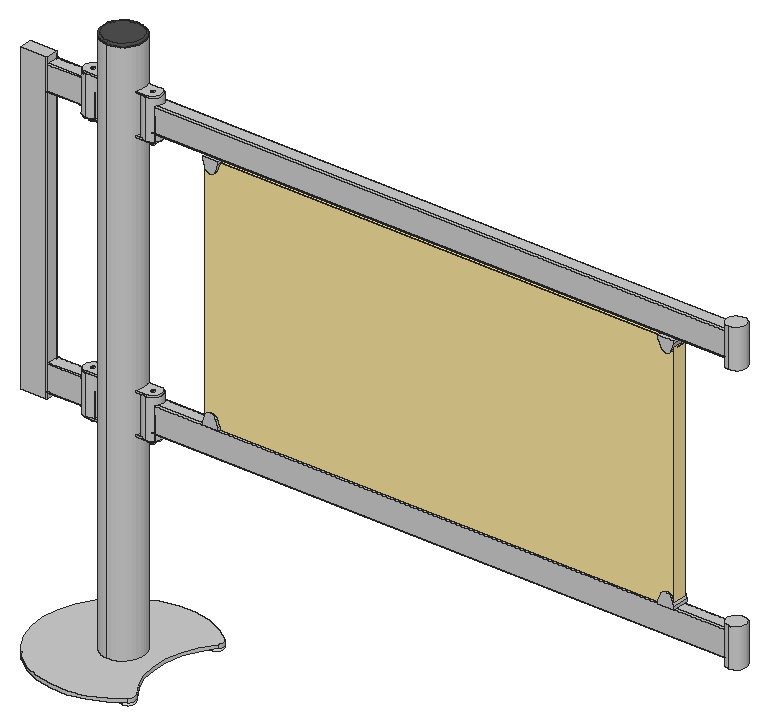
Revit family "PQR-441-PNLAD", category Furniture, Revit 2021
Family settings
  OmniClass Number = 23.40.20.00
  OmniClass Title = General Furniture and Specialties
  Work Plane-Based = No
  Always vertical = Yes
  Cut with Voids When Loaded = No
  Shared = No
  Room Calculation Point = No
Parameters
  W = 4' - 0"
  Frame [instance] = CEN_Frame_Metallic Silver Powdercoat (MS)
  Panel [instance] = Render Material 255-223-127
  Model = "PQR-441-PNLAD"
  End pieces on/off [instance] = yes
  Default Elevation = 0' - 0"
Reference planes (in)
  plane 1 "Center Front/Back": y = 0
  plane 2: z = 0
  plane 3 "Center Left/Right": x = 0
  plane 4: x = -24
  plane 5: x = 24
  plane 6: x = -17.5
  plane 7: x = 17.5
  plane 8: x = -21.5
  plane 9: x = 21.5
Forms (in)
  Extrusion 1, solid, material "CEN_Frame_Metallic Silver Powdercoat (MS)" <- "Frame"
    sketch origin (-23.29168, 0.50272, 36.0271) x (0, -1, 0) y (0, 0, 1)
      loop
        line (1, 0) -> (1, 1.78554)
        arc (1, 1.78554) -> (0.98091, 1.83163) -> (0.93482, 1.85072) r 0.06518
        line (0.93482, 1.85072) -> (0.06518, 1.85072)
        arc (0.06518, 1.85072) -> (0.01909, 1.83163) -> (0, 1.78554) r 0.06518
        line (0, 1.78554) -> (0, 0)
        arc (0, 0) -> (0.01909, -0.04609) -> (0.06518, -0.06518) r 0.06518
        line (0.06518, -0.06518) -> (0.93482, -0.06518)
        arc (0.93482, -0.06518) -> (0.98091, -0.04609) -> (1, 0) r 0.06518
      loop
        line (1, -20.08373) -> (1, -18.21446)
        arc (1, -18.21446) -> (0.98091, -18.16837) -> (0.93482, -18.14928) r 0.06518
        line (0.93482, -18.14928) -> (0.06518, -18.14928)
        arc (0.06518, -18.14928) -> (0.01909, -18.16837) -> (0, -18.21446) r 0.06518
        line (0, -18.21446) -> (0, -20.08373)
        arc (0, -20.08373) -> (0.01909, -20.12982) -> (0.06518, -20.14891) r 0.06518
        line (0.06518, -20.14891) -> (0.93482, -20.14891)
        arc (0.93482, -20.14891) -> (0.98091, -20.12982) -> (1, -20.08373) r 0.06518
    from -1.79168 to -44.79168
  Extrusion 2, solid, material "Render Material 255-223-127" <- "Panel"
    sketch origin (0, 0, 0) x (0, 1, 0) y (0, 0, 1)
      loop
        line (0.5, 17.96904) -> (0.5, 35.78154) -> (0.4375, 35.78154) -> (-0.4375, 35.78154) -> (-0.5, 35.78154) -> (-0.5, 17.96904) -> (-0.4375, 17.96904) -> (0.4375, 17.96904) -> (0.5, 17.96904)
    from -17.5 to 17.5
  Extrusion 3, solid, material "CEN_Frame_Metallic Silver Powdercoat (MS)" <- "Frame"
    sketch origin (0, 0, 0) x (1, 0, 0) y (0, 0, 1)
      loop
        line (-16.4145, 35.87529) -> (-17.5855, 35.87529) -> (-17.5855, 35.65654) -> (-17.41169, 35.17323)
        arc (-17.41169, 35.17323) -> (-17, 34.88379) -> (-16.58831, 35.17323) r 0.4375
        line (-16.58831, 35.17323) -> (-16.4145, 35.65654) -> (-16.4145, 35.87529)
    from -0.61497 to 0.61159
  Extrusion 4, solid, material "CEN_Frame_Metallic Silver Powdercoat (MS)" <- "Frame"
    sketch origin (0, 0, 0) x (-1, 0, 0) y (0, 0, -1)
      loop
        line (-16.4145, -35.87529) -> (-16.4145, -35.65654) -> (-16.58831, -35.17323)
        arc (-16.58831, -35.17323) -> (-17, -34.88379) -> (-17.41169, -35.17323) r 0.4375
        line (-17.41169, -35.17323) -> (-17.5855, -35.65654) -> (-17.5855, -35.87529) -> (-16.4145, -35.87529)
    from -0.61497 to 0.61159
  Extrusion 5, solid, material "CEN_Frame_Metallic Silver Powdercoat (MS)" <- "Frame"
    sketch origin (0, 0, 53.75058) x (1, 0, 0) y (0, 0, 1)
      loop
        line (-16.4145, -35.87529) -> (-16.4145, -35.65654) -> (-16.58831, -35.17323)
        arc (-16.58831, -35.17323) -> (-17, -34.88379) -> (-17.41169, -35.17323) r 0.4375
        line (-17.41169, -35.17323) -> (-17.5855, -35.65654) -> (-17.5855, -35.87529) -> (-16.4145, -35.87529)
    from -0.61497 to 0.61159
  Extrusion 6, solid, material "CEN_Frame_Metallic Silver Powdercoat (MS)" <- "Frame"
    sketch origin (0, 0, 53.75058) x (-1, 0, 0) y (0, 0, -1)
      loop
        line (-16.4145, 35.87529) -> (-17.5855, 35.87529) -> (-17.5855, 35.65654) -> (-17.41169, 35.17323)
        arc (-17.41169, 35.17323) -> (-17, 34.88379) -> (-16.58831, 35.17323) r 0.4375
        line (-16.58831, 35.17323) -> (-16.4145, 35.65654) -> (-16.4145, 35.87529)
    from -0.61497 to 0.61159
  Extrusion 7, solid, material "CEN_Frame_Metallic Silver Powdercoat (MS)" <- "Frame"
    sketch origin (0, 0, 0) x (1, 0, 0) y (0, 1, 0)
      loop
        circle (21.76551, 0.00169) r 0.6875
    from 35.46343 to 38.31958
  Extrusion 8, solid, material "CEN_Frame_Metallic Silver Powdercoat (MS)" <- "Frame"
    sketch origin (0, 0, 0) x (1, 0, 0) y (0, 1, 0)
      loop
        circle (21.76551, 0.00169) r 0.6875
    from 15.46082 to 18.31697
Dimensions and locks (in)
  equal spacing: plane 4, plane 3 "Center Left/Right", plane 5
  "W": plane 4 to plane 5
  locked: plane 7 to plane 5 at 6.5
  locked: plane 6 to plane 4 at 6.5
  locked: plane 4 to plane 8 at 2.5
  locked: plane 5 to plane 9 at 2.5
  aligned and locked: level to plane 2
  aligned and locked: plane 4 to nested 1
  aligned and locked: Extrusion 2 to plane 6
  aligned and locked: Extrusion 2 to plane 7
  aligned and locked: plane 9 to Extrusion 1
  aligned and locked: Extrusion 1 to plane 8
Automatic sketch dimensions
  Extrusion 1 sketch curve to Extrusion 1 sketch curve = 0' - 0.06518"  (x6)
  plane 1 "Center Front/Back" to Extrusion 2 sketch curve = 0' - 0 1/2"
  Extrusion 2 sketch curve to Extrusion 2 sketch curve = 0' - 0 1/16"  (x3)
  Extrusion 2 sketch curve to plane 1 "Center Front/Back" = 0' - 0 7/16"  (x2)
  level to Extrusion 2 sketch curve = 1' - 5.96904"
  Extrusion 2 sketch curve to Extrusion 2 sketch curve = 1' - 5 13/16"
  Extrusion 1 sketch curve to plane 1 "Center Front/Back" = 0' - 0.50272"  (x2)
  plane 1 "Center Front/Back" to Extrusion 1 sketch curve = 0' - 0.43209"  (x4)
  level to Extrusion 1 sketch curve = 1' - 3.87818"
  Extrusion 1 sketch curve to Extrusion 1 sketch curve = 0' - 1.86927"
  Extrusion 1 sketch curve to Extrusion 1 sketch curve = 1' - 6.08409"
  Extrusion 1 sketch curve to Extrusion 1 sketch curve = 0' - 1.78554"
  Extrusion 3 sketch curve to plane 6 = 0' - 0.0855"
  plane 6 to Extrusion 3 sketch curve = 0' - 0.08831"
  Extrusion 3 sketch curve to Extrusion 3 sketch curve = 0' - 0.41169"  (x2)
  Extrusion 3 sketch curve to Extrusion 3 sketch curve = 0' - 0.17381"
  level to Extrusion 3 sketch curve = 2' - 11.17323"
  Extrusion 3 sketch curve to Extrusion 3 sketch curve = 0' - 0.14806"
  Extrusion 3 sketch curve to Extrusion 3 sketch curve = 0' - 0.48331"  (x2)
  Extrusion 3 sketch curve to Extrusion 3 sketch curve = 0' - 0 7/32"
  Extrusion 4 sketch curve to plane 7 = 0' - 0.0855"
  plane 7 to Extrusion 4 sketch curve = 0' - 0.08831"
  Extrusion 4 sketch curve to Extrusion 4 sketch curve = 0' - 0.41169"  (x2)
  Extrusion 4 sketch curve to Extrusion 4 sketch curve = 0' - 0.17381"
  level to Extrusion 4 sketch curve = 2' - 11.87529"
  Extrusion 4 sketch curve to Extrusion 4 sketch curve = 0' - 0 7/32"  (x2)
  Extrusion 4 sketch curve to Extrusion 4 sketch curve = 0' - 0.33525"
  Extrusion 4 sketch curve to Extrusion 4 sketch curve = 0' - 0.14806"
  Extrusion 5 sketch curve to plane 6 = 0' - 0.0855"
  plane 6 to Extrusion 5 sketch curve = 0' - 0.08831"
  Extrusion 5 sketch curve to Extrusion 5 sketch curve = 0' - 0.41169"  (x2)
  Extrusion 5 sketch curve to Extrusion 5 sketch curve = 0' - 0.17381"
  level to Extrusion 5 sketch curve = 1' - 5.87529"
  Extrusion 5 sketch curve to Extrusion 5 sketch curve = 0' - 0 7/32"  (x2)
  Extrusion 5 sketch curve to Extrusion 5 sketch curve = 0' - 0.33525"
  Extrusion 5 sketch curve to Extrusion 5 sketch curve = 0' - 0.14806"
  Extrusion 6 sketch curve to plane 7 = 0' - 0.0855"
  plane 7 to Extrusion 6 sketch curve = 0' - 0.08831"
  Extrusion 6 sketch curve to Extrusion 6 sketch curve = 0' - 0.41169"  (x2)
  Extrusion 6 sketch curve to Extrusion 6 sketch curve = 0' - 0.17381"
  level to Extrusion 6 sketch curve = 1' - 6.57735"
  Extrusion 6 sketch curve to Extrusion 6 sketch curve = 0' - 0.14806"
  Extrusion 6 sketch curve to Extrusion 6 sketch curve = 0' - 0.48331"  (x2)
  Extrusion 6 sketch curve to Extrusion 6 sketch curve = 0' - 0 7/32"
  Extrusion 7 sketch curve to Extrusion 7 sketch curve = 0' - 0"  (x2)
  Extrusion 7 sketch curve to plane 1 "Center Front/Back" = 0' - 0.00169"
  Extrusion 7 sketch curve to plane 9 = 0' - 0.26551"
  plane 1 "Center Front/Back" to Extrusion 7 sketch curve = 0' - 0.68581"
  Extrusion 8 sketch curve to Extrusion 8 sketch curve = 0' - 0"  (x2)
  Extrusion 8 sketch curve to plane 1 "Center Front/Back" = 0' - 0.00169"
  Extrusion 8 sketch curve to plane 9 = 0' - 0.26551"
  plane 1 "Center Front/Back" to Extrusion 8 sketch curve = 0' - 0.68581"
Nested families (in)
  nested 1: "PQR-341-post " at (-24, 0, 0) x (0, 1, 0) z (0, 0, 1), END KIT <- "End pieces on/off", type "PQR-341-post "
Definition of nested family "PQR-341-post "
  Parameters (values of type "PQR-341-post ")
    plastic button = none
    Post = none
    END KIT [instance] = no
    Default Elevation = 0' - 0"
  Types (2): name
    PQR-341-post
    NOT END KIT
  Reference planes (in)
    plane 1 "Center Front/Back": y = 0
    plane 2: z = 0
    plane 3 "Center Left/Right": x = 0
    plane 4: z = 41.62154
    plane 5: z = 41.43404
    plane 6: z = 38.43918
    plane 7: z = 35.46343
    plane 8: z = 38.31958
    plane 9: z = 35.34626
    plane 10: z = 35.0779
    plane 11: z = 34.93741
    plane 12: z = 18.43657
    plane 13: z = 18.31697
    plane 14: z = 38.28685
    plane 15: z = 15.46357
    plane 16: z = 37.79482
    plane 17: z = 17.87782
    plane 18: z = 15.87818
  Forms (in)
    Extrusion 1, solid, material <- "Post"
      sketch origin (-0.02853, -0.08679, 0) x (1, 0, 0) y (0, 1, 0)
        loop
          arc (-3.79412, 4.14027) -> (-4.14981, 4.24664) -> (-4.48079, 4.07846) r 0.5
          arc (-4.48079, 4.07846) -> (0.03357, -5.88186) -> (4.53637, 4.0837) r 6.00161
          arc (4.53637, 4.0837) -> (4.20519, 4.25149) -> (3.84963, 4.14471) r 0.5
          arc (3.84963, 4.14471) -> (0.02853, 2.80874) -> (-3.79412, 4.14027) r 6.14269
      from 0.18657 to 0.43657
    Extrusion 2, solid, material <- "plastic button"
      sketch origin (0, 0, 0) x (1, 0, 0) y (0, 1, 0)
        loop
          circle (0, 0) r 1.5
      from 41.43404 to 41.62154
    Extrusion 3, solid, material <- "Post", visible <- "END KIT"
      sketch origin (0, 0, 0) x (1, 0, 0) y (0, 1, 0)
        loop
          circle (0.00169, -2.23449) r 0.6875
      from 35.46343 to 38.31958
    Extrusion 4, solid, material <- "Post"
      sketch origin (0, 0, 0) x (1, 0, 0) y (0, 1, 0)
        loop
          circle (0.00169, 2.23449) r 0.11265
        loop
          circle (0.00169, -2.23449) r 0.11265
        loop
          line (0.61497, -2.23449) -> (0.61497, 2.23449)
          arc (0.61497, 2.23449) -> (0.00169, 2.84777) -> (-0.61159, 2.23449) r 0.61328
          line (-0.61159, 2.23449) -> (-0.61159, -2.23449)
          arc (-0.61159, -2.23449) -> (0.00169, -2.84777) -> (0.61497, -2.23449) r 0.61328
      from 38.31958 to 38.43918
    Extrusion 5, solid, material <- "Post"
      sketch origin (0, 0, 0) x (1, 0, 0) y (0, 1, 0)
        loop
          circle (0.00169, 2.23449) r 0.11265
        loop
          circle (0.00169, -2.23449) r 0.11265
        loop
          line (0.61497, -2.23449) -> (0.61497, 2.23449)
          arc (0.61497, 2.23449) -> (0.00169, 2.84777) -> (-0.61159, 2.23449) r 0.61328
          line (-0.61159, 2.23449) -> (-0.61159, -2.23449)
          arc (-0.61159, -2.23449) -> (0.00169, -2.84777) -> (0.61497, -2.23449) r 0.61328
      from 35.34626 to 35.46343
    Extrusion 6, solid, material <- "Post"
      sketch origin (0, 0, 0) x (1, 0, 0) y (0, 1, 0)
        loop
          line (0.06349, 1.95369) -> (0.27562, 2.14947) -> (0.21213, 2.43108) -> (-0.06349, 2.5169) -> (-0.27562, 2.32111) -> (-0.21213, 2.0395) -> (0.06349, 1.95369)
        loop
          circle (0.00169, 2.23449) r 0.11265
      from 35.0779 to 35.34626
    Extrusion 7, solid, material <- "Post", visible <- "END KIT"
      sketch origin (0, 0, 0) x (1, 0, 0) y (0, 1, 0)
        loop
          circle (0.00169, -2.23449) r 0.11265
      from 34.93741 to 38.43918
    Sweep 8, void
      path in 3D
        loop
          arc (1.5, 0, 41.62154) -> (0, -1.5, 41.62154) -> (-1.5, 0, 41.62154) r 1.5
          arc (-1.5, 0, 41.62154) -> (0, 1.5, 41.62154) -> (1.5, 0, 41.62154) r 1.5
      profile origin (0, 1.5, 41.62154) x (0, 1, 0) y (0, 0, 1)
        loop
          line (0, -0.12486) -> (0.05983, -0.12486) -> (0.05983, 0) -> (-0.12486, 0)
          arc (-0.12486, 0) -> (-0.03657, -0.03657) -> (0, -0.12486) r 0.12486
    Extrusion 9, solid, material <- "Post"
      sketch origin (0, 0, 0) x (1, 0, 0) y (0, 1, 0)
        loop
          circle (0.00169, 2.23449) r 0.11265
      from 34.93741 to 38.43918
    Extrusion 10, solid, material <- "Post"
      sketch origin (0, 0, -20) x (1, 0, 0) y (0, 1, 0)
        loop
          circle (0.00169, 2.23449) r 0.11265
        loop
          circle (0.00169, -2.23449) r 0.11265
        loop
          line (0.61497, -2.23449) -> (0.61497, 2.23449)
          arc (0.61497, 2.23449) -> (0.00169, 2.84777) -> (-0.61159, 2.23449) r 0.61328
          line (-0.61159, 2.23449) -> (-0.61159, -2.23449)
          arc (-0.61159, -2.23449) -> (0.00169, -2.84777) -> (0.61497, -2.23449) r 0.61328
      from 38.31697 to 38.43657
    Extrusion 11, solid, material <- "Post"
      sketch origin (0, 0, -20) x (1, 0, 0) y (0, 1, 0)
        loop
          circle (0.00169, 2.23449) r 0.11265
        loop
          circle (0.00169, -2.23449) r 0.11265
        loop
          line (0.61497, -2.23449) -> (0.61497, 2.23449)
          arc (0.61497, 2.23449) -> (0.00169, 2.84777) -> (-0.61159, 2.23449) r 0.61328
          line (-0.61159, 2.23449) -> (-0.61159, -2.23449)
          arc (-0.61159, -2.23449) -> (0.00169, -2.84777) -> (0.61497, -2.23449) r 0.61328
      from 35.34365 to 35.46082
    Extrusion 12, solid, material <- "Post", visible <- "END KIT"
      sketch origin (0, 0, -20) x (1, 0, 0) y (0, 1, 0)
        loop
          circle (0.00169, -2.23449) r 0.11265
      from 34.9348 to 38.43657
    Extrusion 13, solid, material <- "Post"
      sketch origin (0, 0, -20) x (1, 0, 0) y (0, 1, 0)
        loop
          circle (0.00169, 2.23449) r 0.11265
      from 34.9348 to 38.43657
    Extrusion 14, solid
      sketch origin (-0.02853, -0.08679, 0) x (1, 0, 0) y (0, 1, 0)
        loop
          circle (-4.10805, 3.76384) r 0.48854
        loop
          circle (4.16511, 3.76384) r 0.48854
        loop
          circle (-3.62282, -3.98401) r 0.48854
        loop
          circle (3.67988, -3.98401) r 0.48854
      from 0 to 0.18657
    Extrusion 15, solid, material <- "Post"
      sketch origin (0, 0, 0) x (1, 0, 0) y (0, 1, 0)
        loop
          circle (0, 0) r 1.5
      from 0.43657 to 41.43404
    Extrusion 16, solid, material <- "Post", visible <- "END KIT"
      sketch origin (0, 0, 0) x (1, 0, 0) y (0, 1, 0)
        loop
          line (0.44955, -5.29168) -> (-0.44411, -5.29168)
          arc (-0.44411, -5.29168) -> (-0.4817, -5.30725) -> (-0.49728, -5.34485) r 0.05317
          line (-0.49728, -5.34485) -> (-0.49728, -7.23851)
          arc (-0.49728, -7.23851) -> (-0.4817, -7.27611) -> (-0.44411, -7.29168) r 0.05317
          line (-0.44411, -7.29168) -> (0.44955, -7.29168)
          arc (0.44955, -7.29168) -> (0.48715, -7.27611) -> (0.50272, -7.23851) r 0.05317
          line (0.50272, -7.23851) -> (0.50272, -5.34485)
          arc (0.50272, -5.34485) -> (0.48715, -5.30725) -> (0.44955, -5.29168) r 0.05317
      from 15.46357 to 38.28685
    Extrusion 17, solid, material <- "Post", visible <- "END KIT"
      sketch origin (0, 0, 0) x (1, 0, 0) y (0, 0, 1)
        loop
          line (-0.43209, 35.96191) -> (0.43754, 35.96191)
          arc (0.43754, 35.96191) -> (0.48363, 35.981) -> (0.50272, 36.0271) r 0.06518
          line (0.50272, 36.0271) -> (0.50272, 37.81264)
          arc (0.50272, 37.81264) -> (0.48363, 37.85873) -> (0.43754, 37.87782) r 0.06518
          line (0.43754, 37.87782) -> (-0.43209, 37.87782)
          arc (-0.43209, 37.87782) -> (-0.47818, 37.85873) -> (-0.49728, 37.81264) r 0.06518
          line (-0.49728, 37.81264) -> (-0.49728, 36.0271)
          arc (-0.49728, 36.0271) -> (-0.47818, 35.981) -> (-0.43209, 35.96191) r 0.06518
        loop
          line (-0.43209, 15.87818) -> (0.43754, 15.87818)
          arc (0.43754, 15.87818) -> (0.48363, 15.89727) -> (0.50272, 15.94336) r 0.06518
          line (0.50272, 15.94336) -> (0.50272, 17.81264)
          arc (0.50272, 17.81264) -> (0.48363, 17.85873) -> (0.43754, 17.87782) r 0.06518
          line (0.43754, 17.87782) -> (-0.43209, 17.87782)
          arc (-0.43209, 17.87782) -> (-0.47818, 17.85873) -> (-0.49728, 17.81264) r 0.06518
          line (-0.49728, 17.81264) -> (-0.49728, 15.94336)
          arc (-0.49728, 15.94336) -> (-0.47818, 15.89727) -> (-0.43209, 15.87818) r 0.06518
      from 2.63684 to 5.29168
    Extrusion 18, solid, material <- "Post"
      sketch origin (0, 0, 0) x (1, 0, 0) y (0, 1, 0)
        loop
          circle (0.00169, 2.23449) r 0.6875
      from 35.46343 to 38.31958
    Extrusion 19, solid, material <- "Post"
      sketch origin (0, 0, -20) x (1, 0, 0) y (0, 1, 0)
        loop
          circle (0.00169, 2.23449) r 0.6875
      from 35.46082 to 38.31697
    Extrusion 20, solid, material <- "Post", visible <- "END KIT"
      sketch origin (0, 0, -20) x (1, 0, 0) y (0, 1, 0)
        loop
          circle (0.00169, -2.23449) r 0.6875
      from 35.46082 to 38.31697
    Extrusion 21, solid, material <- "Post", visible <- "END KIT"
      sketch origin (0, 0, 0) x (1, 0, 0) y (0, 1, 0)
        loop
          line (0.06349, -1.95369) -> (-0.21213, -2.0395) -> (-0.27562, -2.32111) -> (-0.06349, -2.5169) -> (0.21213, -2.43108) -> (0.27562, -2.14947) -> (0.06349, -1.95369)
        loop
          circle (0.00169, -2.23449) r 0.11265
      from 35.0779 to 35.34626
    Extrusion 22, solid, material <- "Post"
      sketch origin (0, 0, -20.00261) x (1, 0, 0) y (0, 1, 0)
        loop
          line (0.06349, 1.95369) -> (0.27562, 2.14947) -> (0.21213, 2.43108) -> (-0.06349, 2.5169) -> (-0.27562, 2.32111) -> (-0.21213, 2.0395) -> (0.06349, 1.95369)
        loop
          circle (0.00169, 2.23449) r 0.11265
      from 35.0779 to 35.34626
    Extrusion 23, solid, material <- "Post", visible <- "END KIT"
      sketch origin (0, 0, -20.00261) x (1, 0, 0) y (0, 1, 0)
        loop
          line (0.06349, -1.95369) -> (-0.21213, -2.0395) -> (-0.27562, -2.32111) -> (-0.06349, -2.5169) -> (0.21213, -2.43108) -> (0.27562, -2.14947) -> (0.06349, -1.95369)
        loop
          circle (0.00169, -2.23449) r 0.11265
      from 35.0779 to 35.34626
  Cuts and joins
    Sweep 8 cuts Extrusion 2
    joined: Extrusion 3, Extrusion 17
  Lines and regions (in)
    sketch lines
      curve 1: arc (-1.5, 0, 41.62154) -> (0, 1.5, 41.62154) -> (1.5, 0, 41.62154) r 1.5
      curve 2: arc (1.5, 0, 41.62154) -> (0, -1.5, 41.62154) -> (-1.5, 0, 41.62154) r 1.5
  Dimensions and locks (in)
    plane 4 to level = 3' - 5.62154"
    locked: plane 4 to plane 5 at 0.1875
    plane 11 to plane 10 to plane 9 to plane 7 to plane 8 to plane 6 = 0' - 0.14049" locked, 0' - 0.26836" locked, 0' - 0 15/128" locked, 0' - 2.85615" locked, 0' - 0.1196" locked
    locked: plane 7 to plane 4 at 6.15811
    locked: plane 14 to plane 15 at 22.82328
    locked: plane 14 to plane 6 at 0.15234
    aligned and locked: level to plane 2
    aligned and locked: plane 4 to Extrusion 2
    aligned and locked: Extrusion 14 to level
    aligned and locked: plane 5 to cut or joined group of Extrusion 2, Sweep 8
    aligned and locked: Extrusion 15 to plane 5
    aligned and locked: plane 5 to Extrusion 15
    aligned and locked: plane 6 to Extrusion 4
    aligned and locked: plane 7 to Extrusion 3  (x2)
    aligned and locked: plane 8 to Extrusion 3
    aligned and locked: plane 11 to Extrusion 7  (x2)
    aligned and locked: plane 11 to Extrusion 9
    aligned and locked: plane 10 to Extrusion 6
    aligned and locked: Extrusion 6 to plane 10
    aligned and locked: plane 9 to Extrusion 5
    aligned and locked: Extrusion 6 to plane 9
    aligned and locked: Extrusion 5 to plane 9  (x2)
    aligned and locked: Extrusion 5 to plane 7
    aligned and locked: plane 7 to Extrusion 5
    aligned and locked: plane 8 to Extrusion 4
    aligned and locked: Extrusion 4 to Extrusion 9
    aligned and locked: Extrusion 7 to plane 6
    aligned and locked: plane 12 to Extrusion 10
    aligned and locked: plane 14 to Extrusion 16
    aligned and locked: plane 15 to Extrusion 16
